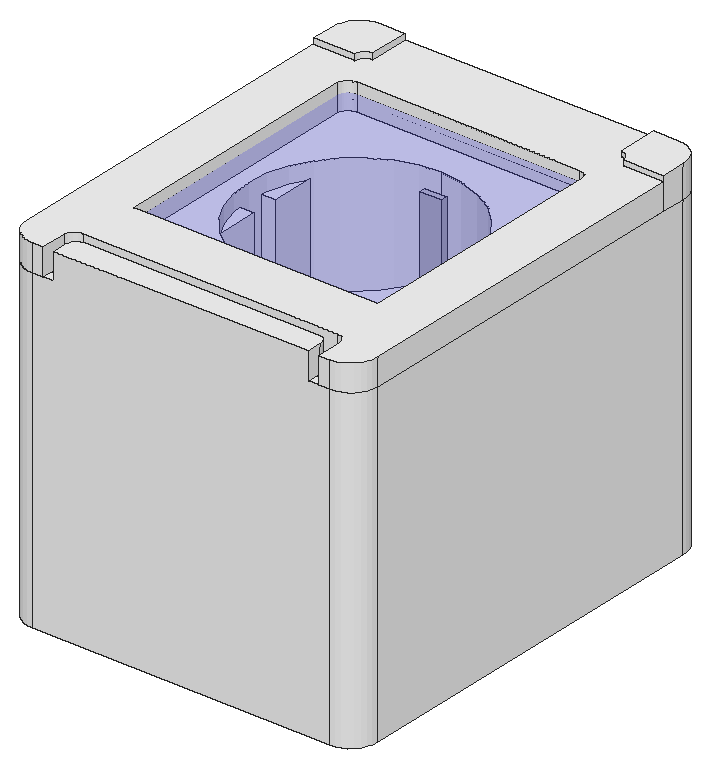
Revit family "Domotics-DomesticRanges-GEWISS-27COMBI_SYSTEM-IP55_SOCKET-OUTLET_DEU", category Apparecchi elettrici, host Superficie, Revit 2016
Family settings
  Host = Superficie
  Mantenere orientamento annotazione = Sì
  Tipo di parte = Normale
  Quota connettore circolare = Usa diametro
  Taglio con vuoti quando caricato = No
  Condiviso = No
  Punto di calcolo locali = Sì
Parameters (values of type "GW27844 - 2P+E 16A ger std socket IP55")
  Voltage: = "250 V ac"
  Voltage = "250 V ac"
  Volt = 230 V
  Vista in pianta [instance] = yes
  Version file RFA = "19.4"
  URL = "https://www.gewiss.com/ww/en"
  Type of knockout holes = "Removable with tool"
  Torque screws tightening = "0,8NM"
  Thermo-pressure with ball = "70 °C"
  Technical sheet = "https://www.gewiss.com/ww/en/search?q=GW27844"
  TXT ELETTRICO = "16"
  Standard; = "IEC 60884-1"
  Standard = "IEC 60884-1"
  Sportellino chiuso [instance] = yes
  Simbolo [instance] = yes
  SEO = "Enclosure"
  Realized by GEWISS S.p.A. = ""
  Default Elevation = 1219.2 mm
  Produttore = "GEWISS S.p.A."
  Outer dim. LxHxD (mm) = "66x82x65"
  No. knockout holes Ã˜23 = "3 on sides / 1 on the bottom"
  N. poli = 1
  N. holes Ã˜ 23 with cable gland = "1"
  Modello = "GW27844"
  Lid screws = "Stainless steel"
  Insulation class = "II"
  Installation temperature = "-25 +60 °C"
  Immagine tipo = GW27844.jpg
  IP degree = "IP55"
  IFC.TypeObject = ""
  IFC.ExportType = ""
  IFC.ExportAs = ""
  IDT = "5c190fab-8d43-4d38-9b91-7a3bd9b67382"
  IDF = "41ec2e7e-a39b-4fce-89fd-4bcd193b7314"
  Glow Wire Test = "650°C"
  Electrocod = "0131"
  EAN code = "8011564095489"
  Door type = "With membrane"
  Door colour: = "Transparent"
  Distanza_x [instance] = 0 mm
  Distanza_effettiva_y [instance] = 100 mm
  Distanza_effettiva_x [instance] = 1000 mm - Distanza_x  # 1000 mm
  Distanza orizzontale del simbolo [instance] = 110.638 mm
  Distanza dal muro [instance] = 4.208 mm
  Descrizione = "2P+E 16A GER STD SOCKET IP55"
  Description: = "Socket-outlet 2P+E - 16A"
  Colour = "Grey RAL 7035"
  Characteristics = "German standard"
  Catalogue Range = "27COMBI"
  Catalogue = "DOMOTICS"
  Carico apparente = 0 VA
  COBie.Tagnumber = ""
  COBie.CreatedOn = ""
  COBie.CreatebBy = ""
  COBie.ComponentRegisterItemID = ""
  COBie.Component.TagNumber = ""
  COBie.Component.Space = ""
  COBie.Component.SerialNumber = ""
  COBie.Component.InstallationDate = ""
  COBie.Component.Description = ""
  COBie.Component.BarCode = ""
Reference planes
  plane 1 "Centro (Fronte/Retro)": y = 0
  plane 2: z = 0
  plane 3 "Centro (Sinistra/Destra)": x = 0
  plane 4: x = -1000
  plane 5: x = 0
  plane 6: y = 100
Lines and regions (mm)
  Masking region 1, visible <- "Vista in pianta"
    outline origin (0, 0, 0) x (1, 0, 0) y (0, 0, 1)
      loop
        line (-33, 66) -> (-33, 0) -> (33, 0) -> (33, 66) -> (-33, 66)
  Masking region 2, visible <- "Vista in pianta"
    outline origin (0, 0, 0) x (0, 1, 0) y (0, 0, 1)
      loop
        line (-41, 65) -> (-41, 0) -> (41, 0) -> (41, 65) -> (-41, 65)
  Masking region 3, visible <- "Vista in pianta"
    outline origin (0, 0, 0) x (1, 0, 0) y (0, 1, 0)
      loop
        arc (-28, 41) -> (-31.536, 39.536) -> (-33, 36) r 5
        line (-33, 36) -> (-33, -36)
        arc (-33, -36) -> (-31.536, -39.536) -> (-28, -41) r 5
        line (-28, -41) -> (28, -41)
        arc (28, -41) -> (31.536, -39.536) -> (33, -36) r 5
        line (33, -36) -> (33, 36)
        arc (33, 36) -> (31.536, 39.536) -> (28, 41) r 5
        line (28, 41) -> (-28, 41)
      loop
        line (-31, 36) -> (-31, -36)
        arc (-31, -36) -> (-30.121, -38.121) -> (-28, -39) r 3
        line (-28, -39) -> (28, -39)
        arc (28, -39) -> (30.121, -38.121) -> (31, -36) r 3
        line (31, -36) -> (31, 36)
        arc (31, 36) -> (30.121, 38.121) -> (28, 39) r 3
        line (28, 39) -> (-28, 39)
        arc (-28, 39) -> (-30.121, 38.121) -> (-31, 36) r 3
      loop
        line (-23, -23.5) -> (23, -23.5) -> (23, 24.5)
        arc (23, 24.5) -> (22.414, 25.914) -> (21, 26.5) r 2
        line (21, 26.5) -> (-21, 26.5)
        arc (-21, 26.5) -> (-22.414, 25.914) -> (-23, 24.5) r 2
        line (-23, 24.5) -> (-23, -23.5)
      loop
        circle (0, 0) r 20.156
      loop
        circle (-11.281, -0.293) r 3.536
      loop
        circle (10.281, -0.293) r 3.536
      loop
        line (-2.056, 17.726) -> (2.056, 17.726) -> (2.056, 18.888) -> (-2.056, 18.888) -> (-2.056, 17.726)
      loop
        line (-2.056, -17.726) -> (-2.056, -18.888) -> (2.056, -18.888) -> (2.056, -17.726) -> (-2.056, -17.726)
      loop
        line (-25.996, -36.247) -> (-25.996, -38.623) -> (25.996, -38.623) -> (25.996, -36.247)
        arc (25.996, -36.247) -> (25.41, -34.833) -> (23.996, -34.247) r 2
        line (23.996, -34.247) -> (-23.996, -34.247)
        arc (-23.996, -34.247) -> (-25.41, -34.833) -> (-25.996, -36.247) r 2
      loop
        arc (-21.996, -36.247) -> (-23.41, -36.833) -> (-23.996, -38.247) r 2
        line (-23.996, -38.247) -> (23.996, -38.247)
        arc (23.996, -38.247) -> (23.41, -36.833) -> (21.996, -36.247) r 2
        line (21.996, -36.247) -> (-21.996, -36.247)
Dimensions and locks
  plane 4 to plane 3 "Centro (Sinistra/Destra)" = 1000 mm
  "Distanza_effettiva_x": plane 4 to plane 5
  "Distanza_effettiva_y": plane 6 to plane 1 "Centro (Fronte/Retro)"
  aligned and locked: plane 2 to host face
  aligned and locked: level to host face
  aligned and locked: plane 1 "Centro (Fronte/Retro)" to nested 1
  aligned and locked: plane 3 "Centro (Sinistra/Destra)" to nested 1
  aligned and locked: plane 5 to nested 2
  aligned and locked: nested 2 to plane 6
  aligned and locked: Masking region 1 sketch curve to nested 1  (x3)
  aligned and locked: nested 1 to Masking region 1 sketch curve
  aligned and locked: Masking region 2 sketch curve to nested 1  (x4)
Automatic sketch dimensions
  host sketch curve to host sketch curve = 2438.4 mm  (x2)
  Masking region 3 sketch curve to Masking region 3 sketch curve = 0 mm  (x8)
  plane 1 "Centro (Fronte/Retro)" to Masking region 3 sketch curve = 0 mm
  Masking region 3 sketch curve to plane 3 "Centro (Sinistra/Destra)" = 0 mm
  Masking region 3 sketch curve to plane 3 "Centro (Sinistra/Destra)" = 2.056 mm  (x2)
  plane 1 "Centro (Fronte/Retro)" to Masking region 3 sketch curve = 0.293 mm  (x2)
  Masking region 3 sketch curve to plane 3 "Centro (Sinistra/Destra)" = 11.281 mm
  Masking region 3 sketch curve to Masking region 3 sketch curve = 18.944 mm  (x2)
  Masking region 3 sketch curve to plane 3 "Centro (Sinistra/Destra)" = 21.996 mm
  Masking region 3 sketch curve to Masking region 3 sketch curve = 2 mm  (x7)
  Masking region 3 sketch curve to Masking region 3 sketch curve = 7 mm  (x2)
  Masking region 3 sketch curve to Masking region 3 sketch curve = 2.004 mm
  Masking region 3 sketch curve to Masking region 3 sketch curve = 3 mm  (x2)
  plane 3 "Centro (Sinistra/Destra)" to Masking region 3 sketch curve = 2.056 mm  (x2)
  plane 3 "Centro (Sinistra/Destra)" to Masking region 3 sketch curve = 10.281 mm
  plane 3 "Centro (Sinistra/Destra)" to Masking region 3 sketch curve = 21.996 mm
  Masking region 3 sketch curve to Masking region 3 sketch curve = 1.004 mm
  Masking region 3 sketch curve to Masking region 3 sketch curve = 4.004 mm
  plane 1 "Centro (Fronte/Retro)" to Masking region 3 sketch curve = 17.726 mm
  Masking region 3 sketch curve to Masking region 3 sketch curve = 1.162 mm  (x2)
  Masking region 3 sketch curve to Masking region 3 sketch curve = 4.612 mm
  Masking region 3 sketch curve to Masking region 3 sketch curve = 10.747 mm
  Masking region 3 sketch curve to Masking region 3 sketch curve = 0.247 mm
  Masking region 3 sketch curve to Masking region 3 sketch curve = 0.377 mm
  Masking region 3 sketch curve to plane 1 "Centro (Fronte/Retro)" = 17.726 mm
  Masking region 3 sketch curve to Masking region 3 sketch curve = 5.612 mm
  Masking region 3 sketch curve to Masking region 3 sketch curve = 9.5 mm
  radius of Masking region 3 sketch curve = 20.156 mm
  radius of Masking region 3 sketch curve = 3.536 mm  (x2)
Nested families
  nested 1: "System Contenitori IP55 Compl Prese Ger_GENERICO" at (0, 0, 0), Sportellino Chiuso <- "Sportellino chiuso", type "GW27844 Presa standard Tedesco 2P+T 16A stagna"
    with Sportellino Chiuso yes, Sportellino Aperto no
  nested 2: "SIMBOLO PRESE" at (0, 100, 0), TESTO ELETTRICO <- "TXT ELETTRICO", Distanza dal muro <- "Distanza dal muro", SIMBOLO <- "Simbolo", visible <- "Simbolo", type "PRESA"
    with TESTO ELETTRICO "16", SIMBOLO yes, Distanza dal muro 4.208 mm, BORDO ACCESO yes
Connectors
  electrical at (0, 0, 0), driven by "N. poli", driven by "Volt", driven by "Carico apparente"
    settings: on nested 1, index 1, voltage 230 V, apparent load 0 VA, apparent load phase1 0 VA, apparent load phase2 0 VA, apparent load phase3 0 VA, power factor 1, load classification "Altro", number of poles 1, system type 31, power factor state 1, is connector primary yes, connector utility no, sub classification motor no, connector description ""
Definition of nested family "System Contenitori IP55 Compl Prese Ger_GENERICO"
  Parameters (values of type "GW27844 Presa standard Tedesco 2P+T 16A stagna")
    Vetro Sportello = none
    Sportellino Chiuso [instance] = yes
    Sportellino Aperto [instance] = not(Sportellino Chiuso)  # no
    Profondità = 65 mm
    Lunghezza = 82 mm
    Larghezza = 66 mm
    Contenitore = none
    Altezza da terra = 750 mm
  Reference planes
    plane 1 "Centro (Fronte/Retro)": y = 0
    plane 2: z = 0
    plane 3 "Centro (Sinistra/Destra)": x = 0
    plane 4: x = -33
    plane 5: x = 33
    plane 6: x = -23
    plane 7: x = 23
    plane 8: z = 856.107
    plane 9: z = 65
    plane 10: z = 60
    plane 11: z = 66
    plane 12: z = 61
    plane 13: z = 37
    plane 14: z = 36
    plane 15: z = 57
  Forms (mm)
    Extrusion 1, solid, material <- "Contenitore"
      sketch origin (0, -791, 0) x (1, 0, 0) y (0, 1, 0)
        loop
          arc (-28, 832) -> (-31.536, 830.536) -> (-33, 827) r 5
          line (-33, 827) -> (-33, 755)
          arc (-33, 755) -> (-31.536, 751.464) -> (-28, 750) r 5
          line (-28, 750) -> (28, 750)
          arc (28, 750) -> (31.536, 751.464) -> (33, 755) r 5
          line (33, 755) -> (33, 827)
          arc (33, 827) -> (31.536, 830.536) -> (28, 832) r 5
          line (28, 832) -> (-28, 832)
        loop
          arc (-31, 755) -> (-30.121, 752.879) -> (-28, 752) r 3
          line (-28, 752) -> (28, 752)
          arc (28, 752) -> (30.121, 752.879) -> (31, 755) r 3
          line (31, 755) -> (31, 827)
          arc (31, 827) -> (30.121, 829.121) -> (28, 830) r 3
          line (28, 830) -> (-28, 830)
          arc (-28, 830) -> (-30.121, 829.121) -> (-31, 827) r 3
          line (-31, 827) -> (-31, 755)
      from 0 to 60
    Extrusion 2, solid, material <- "Contenitore", visible <- "Sportellino Chiuso", detail levels fine
      sketch origin (0, -791, 60) x (1, 0, 0) y (0, 1, 0)
        loop
          line (-23.414, 832) -> (-23.414, 824.415)
          arc (-23.414, 824.415) -> (-24.751, 823.861) -> (-25.304, 822.525) r 1.89
          line (-25.304, 822.525) -> (-33, 822.525) -> (-33, 755)
          arc (-33, 755) -> (-31.536, 751.464) -> (-28, 750) r 5
          line (-28, 750) -> (-25.996, 750) -> (-25.996, 754.753)
          arc (-25.996, 754.753) -> (-25.41, 756.167) -> (-23.996, 756.753) r 2
          line (-23.996, 756.753) -> (23.996, 756.753)
          arc (23.996, 756.753) -> (25.41, 756.167) -> (25.996, 754.753) r 2
          line (25.996, 754.753) -> (25.996, 750) -> (28, 750)
          arc (28, 750) -> (31.536, 751.464) -> (33, 755) r 5
          line (33, 755) -> (33, 822.525) -> (25.304, 822.525)
          arc (25.304, 822.525) -> (24.751, 823.861) -> (23.414, 824.415) r 1.89
          line (23.414, 824.415) -> (23.414, 832) -> (-23.414, 832)
        loop
          arc (-21, 817.5) -> (-22.414, 816.914) -> (-23, 815.5) r 2
          line (-23, 815.5) -> (-23, 767.5) -> (23, 767.5) -> (23, 815.5)
          arc (23, 815.5) -> (22.414, 816.914) -> (21, 817.5) r 2
          line (21, 817.5) -> (-21, 817.5)
      from 5 to 0
    Extrusion 3, solid, material <- "Contenitore"
      sketch origin (0, -791, 60) x (1, 0, 0) y (0, 1, 0)
        loop
          line (-23.996, 750) -> (23.996, 750) -> (23.996, 752.753)
          arc (23.996, 752.753) -> (23.41, 754.167) -> (21.996, 754.753) r 2
          line (21.996, 754.753) -> (-21.996, 754.753)
          arc (-21.996, 754.753) -> (-23.41, 754.167) -> (-23.996, 752.753) r 2
          line (-23.996, 752.753) -> (-23.996, 750)
      from 5 to 0
    Extrusion 4, solid, material <- "Vetro Sportello", visible <- "Sportellino Chiuso"
      sketch origin (0, -791, 63.052) x (1, 0, 0) y (0, 1, 0)
        loop
          arc (-21, 817.5) -> (-22.414, 816.914) -> (-23, 815.5) r 2
          line (-23, 815.5) -> (-23, 767.5) -> (23, 767.5) -> (23, 815.5)
          arc (23, 815.5) -> (22.414, 816.914) -> (21, 817.5) r 2
          line (21, 817.5) -> (-21, 817.5)
      from 0 to -1.104
    Extrusion 5, solid, material <- "Contenitore", detail levels fine
      sketch origin (0, -791, 61) x (1, 0, 0) y (0, 1, 0)
        loop
          arc (-28, 832) -> (-31.536, 830.536) -> (-33, 827) r 5
          line (-33, 827) -> (-33, 822.525) -> (-25.304, 822.525)
          arc (-25.304, 822.525) -> (-24.751, 823.861) -> (-23.414, 824.415) r 1.89
          line (-23.414, 824.415) -> (-23.414, 832) -> (-28, 832)
      from 5 to -1
    Extrusion 6, solid, material <- "Contenitore", detail levels fine
      sketch origin (0, -791, 61) x (1, 0, 0) y (0, 1, 0)
        loop
          line (23.414, 832) -> (23.414, 824.415)
          arc (23.414, 824.415) -> (24.751, 823.861) -> (25.304, 822.525) r 1.89
          line (25.304, 822.525) -> (33, 822.525) -> (33, 827)
          arc (33, 827) -> (31.536, 830.536) -> (28, 832) r 5
          line (28, 832) -> (23.414, 832)
      from 5 to -1
    Extrusion 7, solid, material <- "Contenitore", visible <- "Sportellino Aperto", detail levels fine
      sketch origin (0, -791, 61) x (1, 0, 0) y (0, 0, -1)
        loop
          line (-23.414, 0) -> (-23.414, -7.585)
          arc (-23.414, -7.585) -> (-24.751, -8.139) -> (-25.304, -9.475) r 1.89
          line (-25.304, -9.475) -> (-33, -9.475) -> (-33, -77)
          arc (-33, -77) -> (-31.536, -80.536) -> (-28, -82) r 5
          line (-28, -82) -> (-25.996, -82) -> (-25.996, -77.697)
          arc (-25.996, -77.697) -> (-25.278, -75.964) -> (-23.545, -75.247) r 2.45
          line (-23.545, -75.247) -> (23.496, -75.247)
          arc (23.496, -75.247) -> (25.264, -75.979) -> (25.996, -77.747) r 2.5
          line (25.996, -77.747) -> (25.996, -82) -> (28, -82)
          arc (28, -82) -> (31.536, -80.536) -> (33, -77) r 5
          line (33, -77) -> (33, -9.475) -> (25.304, -9.475)
          arc (25.304, -9.475) -> (24.751, -8.139) -> (23.414, -7.585) r 1.89
          line (23.414, -7.585) -> (23.414, 0) -> (-23.414, 0)
        loop
          arc (-20.971, -14.5) -> (-22.406, -15.094) -> (-23, -16.529) r 2.029
          line (-23, -16.529) -> (-23, -64.5) -> (23, -64.5) -> (23, -16.473)
          arc (23, -16.473) -> (22.422, -15.078) -> (21.027, -14.5) r 1.973
          line (21.027, -14.5) -> (-20.971, -14.5)
      from 827 to 832
    Extrusion 8, solid, not visible
      sketch origin (0, 5, 0) x (0, 0, 1) y (1, 0, 0)
        loop
          line (832, -28) -> (832, 28)
          arc (832, 28) -> (830.536, 31.536) -> (827, 33) r 5
          line (827, 33) -> (755, 33)
          arc (755, 33) -> (751.464, 31.536) -> (750, 28) r 5
          line (750, 28) -> (750, -28)
          arc (750, -28) -> (751.464, -31.536) -> (755, -33) r 5
          line (755, -33) -> (827, -33)
          arc (827, -33) -> (830.536, -31.536) -> (832, -28) r 5
        loop
          line (755, -31) -> (827, -31)
          arc (827, -31) -> (829.121, -30.121) -> (830, -28) r 3
          line (830, -28) -> (830, 28)
          arc (830, 28) -> (829.121, 30.121) -> (827, 31) r 3
          line (827, 31) -> (755, 31)
          arc (755, 31) -> (752.879, 30.121) -> (752, 28) r 3
          line (752, 28) -> (752, -28)
          arc (752, -28) -> (752.879, -30.121) -> (755, -31) r 3
      from 0 to 60
    Extrusion 9, solid, visible <- "Sportellino Chiuso", not visible
      sketch origin (0, 5, 0) x (0, 0, 1) y (1, 0, 0)
        loop
          line (832, -23.414) -> (832, 23.414) -> (824.415, 23.414)
          arc (824.415, 23.414) -> (823.861, 24.751) -> (822.525, 25.304) r 1.89
          line (822.525, 25.304) -> (822.525, 33) -> (755, 33)
          arc (755, 33) -> (751.464, 31.536) -> (750, 28) r 5
          line (750, 28) -> (750, 25.996) -> (754.753, 25.996)
          arc (754.753, 25.996) -> (756.167, 25.41) -> (756.753, 23.996) r 2
          line (756.753, 23.996) -> (756.753, -23.996)
          arc (756.753, -23.996) -> (756.167, -25.41) -> (754.753, -25.996) r 2
          line (754.753, -25.996) -> (750, -25.996) -> (750, -28)
          arc (750, -28) -> (751.464, -31.536) -> (755, -33) r 5
          line (755, -33) -> (822.525, -33) -> (822.525, -25.304)
          arc (822.525, -25.304) -> (823.861, -24.751) -> (824.415, -23.414) r 1.89
          line (824.415, -23.414) -> (832, -23.414)
        loop
          line (817.5, -21) -> (817.5, 21)
          arc (817.5, 21) -> (816.914, 22.414) -> (815.5, 23) r 2
          line (815.5, 23) -> (767.5, 23) -> (767.5, -23) -> (815.5, -23)
          arc (815.5, -23) -> (816.914, -22.414) -> (817.5, -21) r 2
      from 0 to -5
    Extrusion 10, solid, not visible
      sketch origin (0, 5, 0) x (0, 0, 1) y (1, 0, 0)
        loop
          line (750, -23.996) -> (752.753, -23.996)
          arc (752.753, -23.996) -> (754.167, -23.41) -> (754.753, -21.996) r 2
          line (754.753, -21.996) -> (754.753, 21.996)
          arc (754.753, 21.996) -> (754.167, 23.41) -> (752.753, 23.996) r 2
          line (752.753, 23.996) -> (750, 23.996) -> (750, -23.996)
      from 0 to -3.604
    Extrusion 11, solid, material <- "Vetro Sportello", visible <- "Sportellino Chiuso", not visible
      sketch origin (0, 2.5, 0) x (0, 0, 1) y (1, 0, 0)
        loop
          line (817.5, -21) -> (817.5, 21)
          arc (817.5, 21) -> (816.914, 22.414) -> (815.5, 23) r 2
          line (815.5, 23) -> (767.5, 23) -> (767.5, -23) -> (815.5, -23)
          arc (815.5, -23) -> (816.914, -22.414) -> (817.5, -21) r 2
      from 0 to -1.104
    Extrusion 12, solid, not visible
      sketch origin (0, 5, 0) x (0, 0, 1) y (1, 0, 0)
        loop
          line (832, -28) -> (832, -23.414) -> (824.415, -23.414)
          arc (824.415, -23.414) -> (823.861, -24.751) -> (822.525, -25.304) r 1.89
          line (822.525, -25.304) -> (822.525, -33) -> (827, -33)
          arc (827, -33) -> (830.536, -31.536) -> (832, -28) r 5
      from 0 to -6
    Extrusion 13, solid, not visible
      sketch origin (0, 5, 0) x (0, 0, 1) y (1, 0, 0)
        loop
          line (832, 23.414) -> (832, 28)
          arc (832, 28) -> (830.536, 31.536) -> (827, 33) r 5
          line (827, 33) -> (822.525, 33) -> (822.525, 25.304)
          arc (822.525, 25.304) -> (823.861, 24.751) -> (824.415, 23.414) r 1.89
          line (824.415, 23.414) -> (832, 23.414)
      from 0 to -6
    Extrusion 14, solid, visible <- "Sportellino Aperto", not visible
      sketch origin (0, 0, 0) x (1, 0, 0) y (0, 1, 0)
        loop
          line (-23.414, 0) -> (-23.414, -7.585)
          arc (-23.414, -7.585) -> (-24.751, -8.139) -> (-25.304, -9.475) r 1.89
          line (-25.304, -9.475) -> (-33, -9.475) -> (-33, -77)
          arc (-33, -77) -> (-31.536, -80.536) -> (-28, -82) r 5
          line (-28, -82) -> (-25.996, -82) -> (-25.996, -77.697)
          arc (-25.996, -77.697) -> (-25.278, -75.964) -> (-23.545, -75.247) r 2.45
          line (-23.545, -75.247) -> (23.496, -75.247)
          arc (23.496, -75.247) -> (25.264, -75.979) -> (25.996, -77.747) r 2.5
          line (25.996, -77.747) -> (25.996, -82) -> (28, -82)
          arc (28, -82) -> (31.536, -80.536) -> (33, -77) r 5
          line (33, -77) -> (33, -9.475) -> (25.304, -9.475)
          arc (25.304, -9.475) -> (24.751, -8.139) -> (23.414, -7.585) r 1.89
          line (23.414, -7.585) -> (23.414, 0) -> (-23.414, 0)
        loop
          arc (-20.971, -14.5) -> (-22.406, -15.094) -> (-23, -16.529) r 2.029
          line (-23, -16.529) -> (-23, -64.5) -> (23, -64.5) -> (23, -16.473)
          arc (23, -16.473) -> (22.422, -15.078) -> (21.027, -14.5) r 1.973
          line (21.027, -14.5) -> (-20.971, -14.5)
      from 827 to 832
    Extrusion 15, solid, material <- "Vetro Sportello", visible <- "Sportellino Aperto", not visible
      sketch origin (0, 0, 0) x (1, 0, 0) y (0, 1, 0)
        loop
          line (-23, -64.5) -> (23, -64.5) -> (23, -16.5)
          arc (23, -16.5) -> (22.414, -15.086) -> (21, -14.5) r 2
          line (21, -14.5) -> (-21, -14.5)
          arc (-21, -14.5) -> (-22.414, -15.086) -> (-23, -16.5) r 2
          line (-23, -16.5) -> (-23, -64.5)
      from 829.225 to 829.725
    Extrusion 16, solid, material <- "Contenitore"
      sketch origin (0, 0, 0) x (1, 0, 0) y (0, 1, 0)
        loop
          arc (-31, -36) -> (-30.121, -38.121) -> (-28, -39) r 3
          line (-28, -39) -> (28, -39)
          arc (28, -39) -> (30.121, -38.121) -> (31, -36) r 3
          line (31, -36) -> (31, 36)
          arc (31, 36) -> (30.121, 38.121) -> (28, 39) r 3
          line (28, 39) -> (-28, 39)
          arc (-28, 39) -> (-30.121, 38.121) -> (-31, 36) r 3
          line (-31, 36) -> (-31, -36)
      from 36 to 60
    Extrusion 17, solid, material <- "Contenitore"
      sketch origin (0, 0, 0) x (1, 0, 0) y (0, 1, 0)
        loop
          arc (-21, 26.5) -> (-22.414, 25.914) -> (-23, 24.5) r 2
          line (-23, 24.5) -> (-23, -23.5) -> (23, -23.5) -> (23, 24.5)
          arc (23, 24.5) -> (22.414, 25.914) -> (21, 26.5) r 2
          line (21, 26.5) -> (-21, 26.5)
      from 60 to 36
    Extrusion 18, void
      sketch origin (0, 0, 0) x (1, 0, 0) y (0, 1, 0)
        loop
          circle (0, 0) r 20.156
      from 37 to 61
    Extrusion 19, solid
      sketch origin (0, 0, 0) x (1, 0, 0) y (0, 1, 0)
        loop
          circle (-11.281, -0.293) r 3.536
        loop
          circle (10.281, -0.293) r 3.536
      from 0 to 36
    Extrusion 20, void
      sketch origin (0, 0, 0) x (1, 0, 0) y (0, 1, 0)
        loop
          circle (-11.281, -0.293) r 3.536
        loop
          circle (10.281, -0.293) r 3.536
      from 36 to 37
    Extrusion 21, solid, detail levels fine
      sketch origin (0, 0, 0) x (1, 0, 0) y (0, 1, 0)
        loop
          arc (-17.077, 10.706) -> (-18.981, 6.781) -> (-19.995, 2.538) r 20.156
          line (-19.995, 2.538) -> (-17.077, 2.538) -> (-17.077, 10.706)
        loop
          line (-17.077, -10.706) -> (-17.077, -2.538) -> (-19.995, -2.538)
          arc (-19.995, -2.538) -> (-18.981, -6.781) -> (-17.077, -10.706) r 20.156
        loop
          line (17.077, 10.706) -> (17.077, 2.538) -> (19.995, 2.538)
          arc (19.995, 2.538) -> (18.981, 6.781) -> (17.077, 10.706) r 20.156
        loop
          arc (17.077, -10.706) -> (18.981, -6.781) -> (19.995, -2.538) r 20.156
          line (19.995, -2.538) -> (17.077, -2.538) -> (17.077, -10.706)
      from 37 to 57
    Extrusion 22, solid, detail levels fine
      sketch origin (0, 0, 0) x (1, 0, 0) y (0, 1, 0)
        loop
          line (-2.056, 17.726) -> (2.056, 17.726) -> (2.056, 18.888) -> (-2.056, 18.888) -> (-2.056, 17.726)
        loop
          line (-2.056, -17.726) -> (-2.056, -18.888) -> (2.056, -18.888) -> (2.056, -17.726) -> (-2.056, -17.726)
      from 37 to 57
  Cuts and joins
    joined: Extrusion 1, Extrusion 3
    Extrusion 18, Extrusion 20 cuts Extrusion 4
    Extrusion 18, Extrusion 20 cuts Extrusion 16
    Extrusion 18, Extrusion 20 cuts Extrusion 17
    Extrusion 20 cuts Extrusion 19
  Lines and regions (mm)
    model lines, not visible, detail levels medium+fine
      curve 1: circle (-28, -1, 827) r 2 normal (0, -1, 0)
      curve 2: circle (28, -1, 827) r 2 normal (0, -1, 0)
      curve 9: circle (0, 1.396, 790.026) r 20.156 normal (0, -1, 0)
      curve 12: line (23, 1.396, 767.5) -> (-23, 1.396, 767.5)
      curve 13: line (-23, 1.396, 767.5) -> (-23, 1.396, 812.5)
      curve 14: line (-23, 1.396, 812.5) -> (23, 1.396, 812.5)
      curve 15: line (23, 1.396, 812.5) -> (23, 1.396, 767.5)
    model lines, not visible, detail levels fine
      curve 3: line (-29.912, -1, 826.413) -> (-26.7, -1, 828.52)
      curve 4: line (-29.472, -1, 825.646) -> (-26.172, -1, 827.81)
      curve 5: line (29.912, -1, 826.413) -> (26.7, -1, 828.52)
      curve 6: line (29.472, -1, 825.646) -> (26.172, -1, 827.81)
      curve 10: circle (-11.281, 1.396, 789.733) r 3.536 normal (0, -1, 0)
      curve 11: circle (10.281, 1.396, 789.733) r 3.536 normal (0, -1, 0)
      curve 16: line (-17.077, 1.396, 800.732) -> (-17.077, 1.396, 792.564)
      curve 17: line (-17.077, 1.396, 792.564) -> (-19.995, 1.396, 792.564)
      curve 18: line (-17.077, 1.396, 779.32) -> (-17.077, 1.396, 787.489)
      curve 19: line (-17.077, 1.396, 787.489) -> (-19.995, 1.396, 787.489)
      curve 20: line (17.077, 1.396, 800.732) -> (17.077, 1.396, 792.564)
      curve 21: line (17.077, 1.396, 792.564) -> (19.995, 1.396, 792.564)
      curve 22: line (17.077, 1.396, 779.32) -> (17.077, 1.396, 787.489)
      curve 23: line (17.077, 1.396, 787.489) -> (19.995, 1.396, 787.489)
      curve 24: line (-2.056, 1.396, 810.077) -> (-2.056, 1.396, 807.752)
      curve 25: line (-2.056, 1.396, 807.752) -> (2.056, 1.396, 807.752)
      curve 26: line (2.056, 1.396, 807.752) -> (2.056, 1.396, 810.077)
      curve 27: line (-2.056, 1.396, 769.976) -> (-2.056, 1.396, 772.3)
      curve 28: line (-2.056, 1.396, 772.3) -> (2.056, 1.396, 772.3)
      curve 29: line (2.056, 1.396, 772.3) -> (2.056, 1.396, 769.976)
    model lines, not visible
      curve 7: line (-23.414, 0, 832) -> (-23.414, 0, 824.415)
      curve 8: line (23.414, 0, 824.415) -> (23.414, 0, 832)
    model lines, detail levels fine
      curve 30: circle (0, 0, 37) r 20.156 normal (0, 0, 1)
      curve 31: circle (-11.281, -0.293, 37) r 3.536 normal (0, 0, 1)
      curve 32: circle (10.281, -0.293, 37) r 3.536 normal (0, 0, 1)
      curve 33: line (-17.077, 10.706, 37) -> (-17.077, 2.538, 37)
      curve 34: line (-17.077, 2.538, 37) -> (-19.995, 2.538, 37)
      curve 35: line (-17.077, -10.706, 37) -> (-17.077, -2.538, 37)
      curve 36: line (-17.077, -2.538, 37) -> (-19.995, -2.538, 37)
      curve 37: line (17.077, 10.706, 37) -> (17.077, 2.538, 37)
      curve 38: line (17.077, 2.538, 37) -> (19.995, 2.538, 37)
      curve 39: line (17.077, -10.706, 37) -> (17.077, -2.538, 37)
      curve 40: line (17.077, -2.538, 37) -> (19.995, -2.538, 37)
      curve 41: line (-2.056, 20.051, 37) -> (-2.056, 17.726, 37)
      curve 42: line (-2.056, 17.726, 37) -> (2.056, 17.726, 37)
      curve 43: line (2.056, 17.726, 37) -> (2.056, 20.051, 37)
      curve 44: line (-2.056, -20.051, 37) -> (-2.056, -17.726, 37)
      curve 45: line (-2.056, -17.726, 37) -> (2.056, -17.726, 37)
      curve 46: line (2.056, -17.726, 37) -> (2.056, -20.051, 37)
  Dimensions and locks
    locked: plane 9 to plane 2 at 65
    plane 9 to plane 10 to plane 2 = 5 mm, 60 mm
    locked: plane 12 to plane 10 at 1
    locked: plane 10 to plane 13 at 23
    plane 10 to plane 15 = 3 mm
    aligned and locked: level to plane 2
    aligned and locked: cut or joined group of Extrusion 1, Extrusion 3 to plane 2
    aligned and locked: plane 9 to Extrusion 2
    aligned and locked: plane 11 to Extrusion 6
    aligned and locked: Extrusion 5 to Extrusion 6
    aligned and locked: Extrusion 2 to Extrusion 5
    aligned and locked: Extrusion 2 to Extrusion 3
    aligned and locked: Extrusion 3 to Extrusion 1
    aligned and locked: Extrusion 16 sketch curve to cut or joined group of Extrusion 1, Extrusion 3  (x4)
    aligned and locked: Extrusion 16 to Extrusion 2
    aligned and locked: Extrusion 17 sketch curve to Extrusion 2  (x4)
    aligned and locked: Extrusion 17 to Extrusion 2
    aligned and locked: Extrusion 17 to plane 14
    aligned and locked: Extrusion 16 to Extrusion 17
    aligned and locked: Extrusion 18 to plane 13
    aligned and locked: plane 14 to Extrusion 19
    aligned and locked: Extrusion 20 to plane 14
    aligned and locked: plane 13 to Extrusion 20
Definition of nested family "SIMBOLO PRESE"
  Parameters (values of type "PRESA")
    TESTO ELETTRICO [instance] = "TXT"
    Simbolo = SIMBOLO PRESE_BASE : PRESA
    SIMBOLO [instance] = yes
    Distanza dal muro [instance] = 4.208 mm
    BORDO ACCESO [instance] = yes
  Reference planes
    plane 1: y = 0
    plane 2: x = 0
  Dimensions and locks
    aligned and locked: plane 1 to nested 1
    aligned and locked: plane 2 to nested 1
  Nested families
    nested 1: "SIMBOLO PRESE_BASE" at (0, 0, 0), type <- "Simbolo", TESTO ELETTRICO <- "TESTO ELETTRICO", BORDO ACCESO <- "BORDO ACCESO", visible <- "SIMBOLO", type "PRESA"
      with TESTO ELETTRICO "TXT", BORDO ACCESO yes
  Definition of nested family "SIMBOLO PRESE_BASE"
    Parameters (values of type "PRESA")
      TESTO ELETTRICO [instance] = "TXT"
      Distanza dal muro = 4.208 mm
      BORDO ACCESO [instance] = yes
    Reference planes
      plane 1: y = 0
      plane 2: x = 0
    Lines and regions (mm)
      detail lines, visible <- "BORDO ACCESO", not visible
        curve 1: line (-1.743, 9.208, 0) -> (2.057, 9.208, 0)
        curve 2: line (2.057, 9.208, 0) -> (2.057, 4.208, 0)
        curve 3: line (2.057, 4.208, 0) -> (-1.743, 4.208, 0)
        curve 4: line (-1.743, 4.208, 0) -> (-1.743, 9.208, 0)
        curve 5: line (-1.543, 9.008, 0) -> (1.857, 9.008, 0)
        curve 6: line (1.857, 9.008, 0) -> (1.857, 4.408, 0)
        curve 7: line (1.857, 4.408, 0) -> (-1.543, 4.408, 0)
        curve 8: line (-1.543, 4.408, 0) -> (-1.543, 9.008, 0)
      detail lines
        curve 9: line (0.783, 1.133, 0) -> (-0.783, 1.133, 0)
        curve 10: line (0, 1.133, 0) -> (0, 0.349, 0)
        curve 11: arc (-0.783, 1.916, 0) -> (0, 1.133, 0) -> (0.783, 1.916, 0) r 0.783
    Text (mm)
      label "TXT" at (0.016, 1.578, 0), shows "TESTO ELETTRICO"
